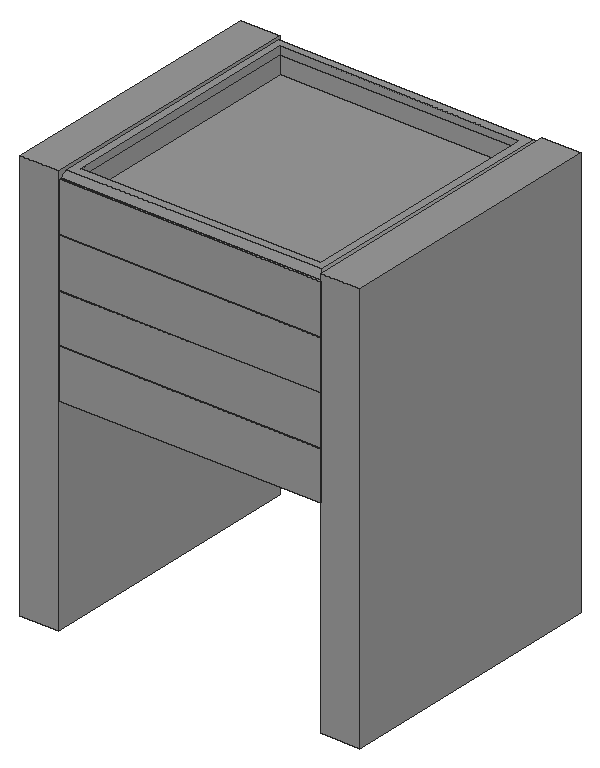
Revit family "Цветочница гранитная ГС-040", category Антураж, Revit 2017
Family settings
  На основе рабочей плоскости = Нет
  Всегда вертикально = Да
  При загрузке вырезать с полостями = Нет
  Источник визуального образа = Геометрия семейства
  Общий = Нет
  Точка расчета площади = Нет
Parameters (values of type "Цветочница гранитная ГС-040")
  Стоимость = 2700
  Изготовитель = "ООО \"Хоббика\""
  Высота = 0 mm
  АDSK_Материал вазона = Гранит
  URL = "https://hobbyka.ru/product/cvetochnica_granitnaia_gs-040/?sphrase_id=81567"
  ADSK_Размер_Ширина = 700 mm
  ADSK_Размер_Длина = 500 mm
  ADSK_Размер_Высота = 850 mm
  ADSK_Наименование = "Цветочница гранитная ГС-040"
  ADSK_Материал ламелей = Ясень
  ADSK_Код изделия = "6911"
Reference planes
  plane 1 "По центру (Вперед/Назад)": y = 0
  plane 2: z = 0
  plane 3 "По центру (Влево/Вправо)": x = 0
Forms (mm)
  Extrusion 1, solid, material "Гранит" <- "АDSK_Материал вазона"
    sketch origin (0, 0, 0) x (1, 0, 0) y (0, 1, 0)
      loop
        line (350, -285) -> (350, 285) -> (270, 285) -> (270, -285) -> (350, -285)
      loop
        line (-270, 285) -> (-350, 285) -> (-350, -285) -> (-270, -285) -> (-270, 285)
    from 0 to 850
  Extrusion 2, solid, material "Ясень" <- "ADSK_Материал ламелей"
    sketch origin (0, 0, 0) x (0, 1, 0) y (0, 0, 1)
      loop
        line (-285, 733.5) -> (-280, 733.5) -> (-280, 835) -> (-285, 835) -> (-285, 733.5)
      loop
        line (280, 733.5) -> (285, 733.5) -> (285, 835) -> (280, 835) -> (280, 733.5)
      loop
        line (-285, 630) -> (-280, 630) -> (-280, 731.5) -> (-285, 731.5) -> (-285, 630)
      loop
        line (280, 630) -> (285, 630) -> (285, 731.5) -> (280, 731.5) -> (280, 630)
      loop
        line (-285, 527.5) -> (-280, 527.5) -> (-280, 629) -> (-285, 629) -> (-285, 527.5)
      loop
        line (280, 527.5) -> (285, 527.5) -> (285, 629) -> (280, 629) -> (280, 527.5)
      loop
        line (-285, 425) -> (-280, 425) -> (-280, 526.5) -> (-285, 526.5) -> (-285, 425)
      loop
        line (280, 425) -> (285, 425) -> (285, 526.5) -> (280, 526.5) -> (280, 425)
    from -270 to 270
  Extrusion 3, solid
    sketch origin (0, 0, 0) x (1, 0, 0) y (0, 0, 1)
      loop
        line (270, 425) -> (270, 475.75) -> (-270, 475.75) -> (-270, 425) -> (270, 425)
    from -280 to 280
  Sweep 4, solid, material "Нержавеющая сталь"
    path in 3D
      loop
        line (-270, 280, 475.75) -> (270, 280, 475.75) -> (270, -280, 475.75) -> (-270, -280, 475.75) -> (-270, 280, 475.75)
    profile origin (-270, 0, 475.75) x (-1, 0, 0) y (0, 0, 1)
      loop
        line (-14.225, 359.25) -> (-16.372, 294.308) -> (-26.104, 0) -> (0, 0) -> (0, 359.25) -> (-6.864, 374.25) -> (-22.389, 374.25) -> (-22.389, 359.25) -> (-14.225, 359.25)
  Extrusion 5, solid, material "Земля"
    sketch origin (0, 0, 0) x (1, 0, 0) y (0, 1, 0)
      loop
        line (-243.896, 253.896) -> (-243.896, -253.896) -> (243.896, -253.896) -> (243.896, 253.896) -> (-243.896, 253.896)
    from 572.797 to 800.115
Lines and regions (mm)
  sketch lines
    curve 1: line (-270, -280, 475.75) -> (-270, 280, 475.75)
    curve 2: line (-270, 280, 475.75) -> (270, 280, 475.75)
    curve 3: line (270, -280, 475.75) -> (270, 280, 475.75)
    curve 4: line (270, -280, 475.75) -> (-270, -280, 475.75)
Dimensions and locks
  aligned and locked: level to plane 2
